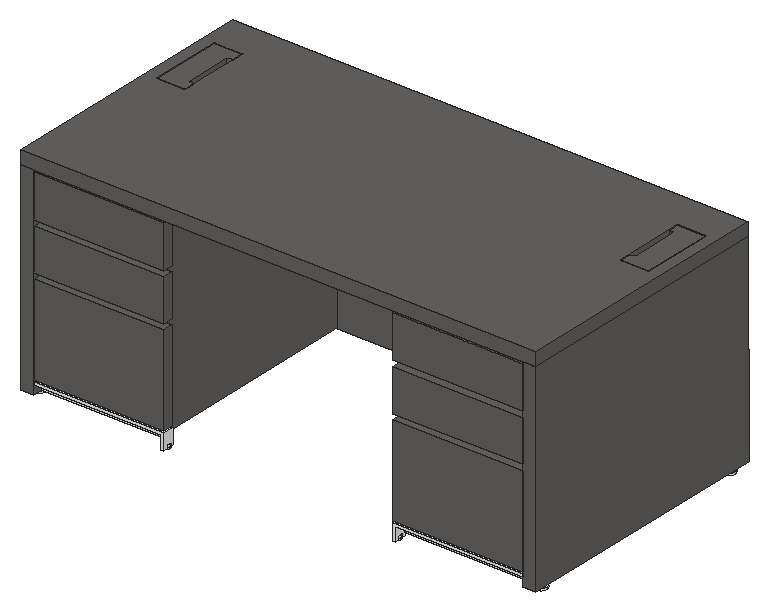
Revit family "Desk-Teknion-ZXWD-Single_And_Double_Pedestals-R2011", category Furniture, Revit 2013
Parameters (values of type "(See Type Catalog)")
  With Grommets = yes
  Width = 70"
  Warranty = "http://www.teknionstudio.com/pdfs/Teknion%20Studio%20Warranty.pdf"
  Unit Weight = 0.00 lbf
  Unit Finish [instance] = Veneer - Teknion - P7 - Grey Oak
  URL = "www.teknionstudio.com"
  Series = "B&B Italia"
  Right Pedestal = yes
  Product Page URL = "http://www.teknionstudio.com/acexecutive/"
  Product Line = "AC Executive"
  Product Documentation Link = "http://www.teknionstudio.com/pricing/ac_executive_ppg.pdf"
  Part Number = "ZXWD"
  Model = ""
  Manufacturer Phone = "919-464-2920"
  Manufacturer Fax = "919-464-2927"
  Manufacturer Email = "customersupport@teknionstudio.com"
  Manufacturer Address = "3940 US 70 Business HWY West, Clayton, NC 27520"
  Manufacturer = "Teknion Studio"  # constant formula
  Low Emitting Material = yes
  Low Emitting Finish = yes
  Left Pedestal = yes
  Height = 29 185/256"
  Grommet Void = if(With Grommets, 10 1/2", 2")  # 10 1/2"
  Description = ""
  Depth = 36"
  Assembly Code = "E2020200"
Reference planes (in)
  plane 1 "Center F/B": y = 0
  plane 2: z = 0
  plane 3 "Center L/R": x = 0
  plane 4 "Left": x = -35
  plane 5 "Right": x = 35
  plane 6 "Back": y = 18
  plane 7 "Front": y = -18
  plane 8 "Top": z = 29.72266
  plane 9: z = 27.95806
  plane 10: z = 19.72266
  plane 11: z = 30.22266
  plane 12: z = 0.6299
  plane 13 "Foot Centerline": y = -16
  plane 14 "Centerline": y = -16
  plane 15 "Back Foot Centerline": y = 16
  plane 16: y = 16
  plane 17: y = -16
  plane 18: y = 16
  plane 19 "Front Foot Centerline": y = -17.2303
Forms (in)
  Sweep 1, solid, material "Veneer - Teknion - P7 - Grey Oak" <- "Unit Finish"
    path origin (0, 0, 15.40683) x (-1, 0, 0) y (0, -1, 0)
      loop
        line (-35, 0) -> (35, 0)
    profile origin (0, 0, 15.40683) x (0, -1, 0) y (0, 0, 1)
      loop
        line (-18, 14.31582) -> (-18, 12.55122) -> (18, 12.55122) -> (18, 14.31582) -> (-18, 14.31582)
  Sweep 2, void
    path origin (0, 0, 0) x (1, 0, 0) y (0, 0, 1)
      loop
        line (0, 19.72266) -> (0, 30.22266)
    profile origin (0, 0, 24.97266) x (-1, 0, 0) y (0, -1, 0)
      loop
        line (29.61319, -11.34646) -> (29.61319, -12.67008)
        arc (29.61319, -12.67008) -> (29.65015, -12.7593) -> (29.73937, -12.79626) r 0.12618
        line (29.73937, -12.79626) -> (33.17402, -12.79626)
        arc (33.17402, -12.79626) -> (33.26324, -12.7593) -> (33.3002, -12.67008) r 0.12618
        line (33.3002, -12.67008) -> (33.3002, -3.32992)
        arc (33.3002, -3.32992) -> (33.26324, -3.2407) -> (33.17402, -3.20374) r 0.12618
        line (33.17402, -3.20374) -> (29.73937, -3.20374)
        arc (29.73937, -3.20374) -> (29.65015, -3.2407) -> (29.61319, -3.32992) r 0.12618
        line (29.61319, -3.32992) -> (29.61319, -4.65354) -> (29.88189, -4.65354)
        arc (29.88189, -4.65354) -> (30.16028, -4.76886) -> (30.27559, -5.04724) r 0.3937
        line (30.27559, -5.04724) -> (30.27559, -10.95276)
        arc (30.27559, -10.95276) -> (30.16028, -11.23114) -> (29.88189, -11.34646) r 0.3937
        line (29.88189, -11.34646) -> (29.61319, -11.34646)
      loop
        arc (29.48819, -12.76378) -> (29.53431, -12.87513) -> (29.64567, -12.92126) r 0.15748
        line (29.64567, -12.92126) -> (33.26772, -12.92126)
        arc (33.26772, -12.92126) -> (33.37907, -12.87513) -> (33.4252, -12.76378) r 0.15748
        line (33.4252, -12.76378) -> (33.4252, -3.23622)
        arc (33.4252, -3.23622) -> (33.37907, -3.12487) -> (33.26772, -3.07874) r 0.15748
        line (33.26772, -3.07874) -> (29.64567, -3.07874)
        arc (29.64567, -3.07874) -> (29.53431, -3.12487) -> (29.48819, -3.23622) r 0.15748
        line (29.48819, -3.23622) -> (29.48819, -12.76378)
      loop
        line (-29.61319, -11.34646) -> (-29.88189, -11.34646)
        arc (-29.88189, -11.34646) -> (-30.16028, -11.23114) -> (-30.27559, -10.95276) r 0.3937
        line (-30.27559, -10.95276) -> (-30.27559, -5.04724)
        arc (-30.27559, -5.04724) -> (-30.16028, -4.76886) -> (-29.88189, -4.65354) r 0.3937
        line (-29.88189, -4.65354) -> (-29.61319, -4.65354) -> (-29.61319, -3.32992)
        arc (-29.61319, -3.32992) -> (-29.65015, -3.2407) -> (-29.73937, -3.20374) r 0.12618
        line (-29.73937, -3.20374) -> (-33.17402, -3.20374)
        arc (-33.17402, -3.20374) -> (-33.26324, -3.2407) -> (-33.3002, -3.32992) r 0.12618
        line (-33.3002, -3.32992) -> (-33.3002, -12.67008)
        arc (-33.3002, -12.67008) -> (-33.26324, -12.7593) -> (-33.17402, -12.79626) r 0.12618
        line (-33.17402, -12.79626) -> (-29.73937, -12.79626)
        arc (-29.73937, -12.79626) -> (-29.65015, -12.7593) -> (-29.61319, -12.67008) r 0.12618
        line (-29.61319, -12.67008) -> (-29.61319, -11.34646)
      loop
        line (-29.48819, -12.76378) -> (-29.48819, -3.23622)
        arc (-29.48819, -3.23622) -> (-29.53431, -3.12487) -> (-29.64567, -3.07874) r 0.15748
        line (-29.64567, -3.07874) -> (-33.26772, -3.07874)
        arc (-33.26772, -3.07874) -> (-33.37907, -3.12487) -> (-33.4252, -3.23622) r 0.15748
        line (-33.4252, -3.23622) -> (-33.4252, -12.76378)
        arc (-33.4252, -12.76378) -> (-33.37907, -12.87513) -> (-33.26772, -12.92126) r 0.15748
        line (-33.26772, -12.92126) -> (-29.64567, -12.92126)
        arc (-29.64567, -12.92126) -> (-29.53431, -12.87513) -> (-29.48819, -12.76378) r 0.15748
  Sweep 3, solid, material "Veneer - Teknion - P7 - Grey Oak" <- "Unit Finish"
    path origin (0, 0, 0) x (1, 0, 0) y (0, 0, 1)
      loop
        line (0, 27.95806) -> (0, 0.6299)
    profile origin (0, 0, 14.29398) x (0, -1, 0) y (1, 0, 0)
      loop
        line (-18, -35) -> (18, -35) -> (18, -33.2354) -> (-13.2756, -33.2354) -> (-13.2756, 33.2354) -> (18, 33.2354) -> (18, 35) -> (-18, 35) -> (-18, 33.2354) -> (-14, 33.2354) -> (-14, -33.2354) -> (-18, -33.2354) -> (-18, -35)
  Sweep 4, solid, material "Veneer - Teknion - P7 - Grey Oak" <- "Unit Finish", visible <- "Left Pedestal"
    path origin (0, 0, 29.72266) x (-1, 0, 0) y (0, -1, 0)
      loop
        line (35, -13.2756) -> (35, 16.4606)
    profile origin (-35, -1.5925, 29.72266) x (1, 0, 0) y (0, 0, 1)
      loop
        line (1.7646, -1.7646) -> (1.7646, -29.09276) -> (17.9063, -29.09276) -> (17.9063, -1.7646) -> (1.7646, -1.7646)
  Sweep 5, solid, material "Veneer - Teknion - P7 - Grey Oak" <- "Unit Finish", visible <- "Left Pedestal"
    path origin (0, -18, 0) x (1, 0, 0) y (0, 0, 1)
      loop
        line (-33.1567, 0) -> (-15.5189, 0)
    profile origin (-24.3378, -18, 0) x (0, 0, 1) y (0, -1, 0)
      loop
        line (27.70806, 0) -> (21.90416, 0) -> (21.90416, -1.4213) -> (27.70806, -1.4213) -> (27.70806, 0)
      loop
        line (21.11676, 0) -> (15.45656, 0) -> (15.45656, -1.4213) -> (21.11676, -1.4213) -> (21.11676, 0)
      loop
        line (14.66916, 0) -> (2.41756, 0) -> (2.41756, -1.4213) -> (14.66916, -1.4213) -> (14.66916, 0)
  Sweep 6, solid, material "Veneer - Teknion - P7 - Grey Oak" <- "Unit Finish", visible <- "Right Pedestal"
    path origin (48.6756, -18, 0) x (1, 0, 0) y (0, 0, 1)
      loop
        line (-33.1567, 0) -> (-15.5189, 0)
    profile origin (24.3378, -18, 0) x (0, 0, 1) y (0, -1, 0)
      loop
        line (27.70806, 0) -> (21.90416, 0) -> (21.90416, -1.4213) -> (27.70806, -1.4213) -> (27.70806, 0)
      loop
        line (21.11676, 0) -> (15.45656, 0) -> (15.45656, -1.4213) -> (21.11676, -1.4213) -> (21.11676, 0)
      loop
        line (14.66916, 0) -> (2.41756, 0) -> (2.41756, -1.4213) -> (14.66916, -1.4213) -> (14.66916, 0)
  Sweep 7, solid, material "Veneer - Teknion - P7 - Grey Oak" <- "Unit Finish", visible <- "Right Pedestal"
    path origin (50.3291, 0, 29.72266) x (-1, 0, 0) y (0, -1, 0)
      loop
        line (15.3291, -13.2756) -> (15.3291, 16.4606)
    profile origin (35, -1.5925, 29.72266) x (1, 0, 0) y (0, 0, 1)
      loop
        line (-1.7646, -1.7646) -> (-17.9063, -1.7646) -> (-17.9063, -29.09276) -> (-1.7646, -29.09276) -> (-1.7646, -1.7646)
  Sweep 8, solid, material "Metal - Teknion - C6 - Chrome", visible <- "Left Pedestal"
    path origin (0, -18, 0) x (1, 0, 0) y (0, 0, 1)
      loop
        line (-15.5189, 0) -> (-15.5189, 2.16756) -> (-33.2354, 2.16756)
    profile origin (-24.37715, -18, 2.16756) x (0, 0, -1) y (0, -1, 0)
      loop
        line (0, 0) -> (0, -1.5394) -> (0.394, -1.5394) -> (0.394, 0) -> (0, 0)
  Sweep 9, solid, material "Metal - Teknion - C6 - Chrome", visible <- "Right Pedestal"
    path origin (48.7543, -18, 0) x (1, 0, 0) y (0, 0, 1)
      loop
        line (-15.5189, 2.16756) -> (-33.2354, 2.16756) -> (-33.2354, 0)
    profile origin (24.37715, -18, 2.16756) x (0, 0, -1) y (0, -1, 0)
      loop
        line (0, 0) -> (0, -1.5394) -> (0.394, -1.5394) -> (0.394, 0) -> (0, 0)
  Revolve 10, solid, material "Metal - Teknion - C6 - Chrome", visible <- "Left Pedestal"
    sketch origin (0, -17.2303, 0) x (-1, 0, 0) y (0, 0, 1)
      loop
        line (16.05055, 0) -> (16.08992, 0.03937) -> (16.08992, 0.20618) -> (16.05055, 0.24555) -> (16.08992, 0.28492) -> (16.08992, 0.45173) -> (16.05055, 0.4911) -> (15.7159, 0.4911) -> (15.7159, 0) -> (16.05055, 0)
      axis (15.7159, 0) -> (15.7159, 0.4911)
    angle from 0 to 360
  Sweep 11, solid, material "Metal - Teknion - C6 - Chrome", visible <- "Left Pedestal"
    path origin (0, -18, 0) x (1, 0, 0) y (0, 0, 1)
      loop
        line (-33.2354, 0.6299) -> (-15.5189, 0.6299)
    profile origin (-24.37715, -18, 0.6299) x (0, 0, 1) y (0, -1, 0)
      loop
        line (1.14366, -1.5394) -> (1.14366, -1.3424) -> (-0.03734, -1.3424) -> (-0.03734, -1.5394) -> (1.14366, -1.5394)
  Sweep 12, solid, material "Metal - Teknion - C6 - Chrome", visible <- "Right Pedestal"
    path origin (0, -18, 0) x (-1, 0, 0) y (0, 0, 1)
      loop
        line (-33.2354, 0.6299) -> (-15.5189, 0.6299)
    profile origin (24.37715, -18, 0.6299) x (0, 0, -1) y (0, -1, 0)
      loop
        line (0.03734, -1.5394) -> (0.03734, -1.3424) -> (-1.14366, -1.3424) -> (-1.14366, -1.5394) -> (0.03734, -1.5394)
  Revolve 13, solid, material "Metal - Teknion - C6 - Chrome"
    sketch origin (0, -16, 0) x (-1, 0, 0) y (0, 0, 1)
      loop
        line (34.1177, 0) -> (34.85569, 0) -> (34.85569, 0.16) -> (34.40004, 0.16) -> (34.40004, 0.6299) -> (34.1177, 0.6299) -> (34.1177, 0)
      axis (34.1177, 0.6299) -> (34.1177, 0)
    angle from 0 to 360
  Revolve 14, solid, material "Metal - Teknion - C6 - Chrome"
    sketch origin (4.5366, 16, 0) x (-1, 0, 0) y (0, 0, 1)
      loop
        line (38.6543, 0) -> (39.39229, 0) -> (39.39229, 0.16) -> (38.93664, 0.16) -> (38.93664, 0.6299) -> (38.6543, 0.6299) -> (38.6543, 0)
      axis (38.6543, 0.6299) -> (38.6543, 0)
    angle from 0 to 360
  Revolve 15, solid, material "Metal - Teknion - C6 - Chrome"
    sketch origin (0, -16, 0) x (-1, 0, 0) y (0, 0, 1)
      loop
        line (-34.1177, 0) -> (-34.1177, 0.6299) -> (-34.40004, 0.6299) -> (-34.40004, 0.16) -> (-34.85569, 0.16) -> (-34.85569, 0) -> (-34.1177, 0)
      axis (-34.1177, 0.6299) -> (-34.1177, 0)
    angle from 0 to 360
  Revolve 16, solid, material "Metal - Teknion - C6 - Chrome"
    sketch origin (-4.5366, 16, 0) x (1, 0, 0) y (0, 0, 1)
      loop
        line (38.6543, 0) -> (39.39229, 0) -> (39.39229, 0.16) -> (38.93664, 0.16) -> (38.93664, 0.6299) -> (38.6543, 0.6299) -> (38.6543, 0)
      axis (38.6543, 0.6299) -> (38.6543, 0)
    angle from 0 to 360
  Revolve 17, solid, material "Metal - Teknion - C6 - Chrome", visible <- "Right Pedestal"
    sketch origin (0, -17.2303, 0) x (-1, 0, 0) y (0, 0, 1)
      loop
        line (-16.05055, 0) -> (-15.7159, 0) -> (-15.7159, 0.4911) -> (-16.05055, 0.4911) -> (-16.08992, 0.45173) -> (-16.08992, 0.28492) -> (-16.05055, 0.24555) -> (-16.08992, 0.20618) -> (-16.08992, 0.03937) -> (-16.05055, 0)
      axis (-15.7159, 0) -> (-15.7159, 0.4911)
    angle from 0 to 360
Cuts and joins
  Sweep 2 cuts Sweep 1
  joined: Sweep 8, Sweep 11
  joined: Sweep 9, Sweep 12
Lines and regions (in)
  Masking region 1
    outline origin (0, 0, 29.72266) x (-1, 0, 0) y (0, -1, 0)
      loop
        line (35, -18) -> (35, 18) -> (-35, 18) -> (-35, -18) -> (35, -18)
  symbolic lines, visible <- "With Grommets", detail levels fine
    curve 1: arc (-30.27559, 10.95276, 29.72266) -> (-30.16028, 11.23114, 29.72266) -> (-29.88189, 11.34646, 29.72266) r 0.3937
    curve 2: line (-29.88189, 11.34646, 29.72266) -> (-29.48819, 11.34646, 29.72266)
    curve 4: line (-29.48819, 4.65354, 29.72266) -> (-29.88189, 4.65354, 29.72266)
    curve 5: arc (-29.88189, 4.65354, 29.72266) -> (-30.16028, 4.76886, 29.72266) -> (-30.27559, 5.04724, 29.72266) r 0.3937
    curve 6: line (-30.27559, 5.04724, 29.72266) -> (-30.27559, 10.95276, 29.72266)
    curve 12: arc (30.27559, 10.95276, 29.72266) -> (30.16028, 11.23114, 29.72266) -> (29.88189, 11.34646, 29.72266) r 0.3937
    curve 13: line (29.88189, 11.34646, 29.72266) -> (29.48819, 11.34646, 29.72266)
    curve 15: line (29.48819, 4.65354, 29.72266) -> (29.88189, 4.65354, 29.72266)
    curve 16: arc (29.88189, 4.65354, 29.72266) -> (30.16028, 4.76886, 29.72266) -> (30.27559, 5.04724, 29.72266) r 0.3937
    curve 17: line (30.27559, 5.04724, 29.72266) -> (30.27559, 10.95276, 29.72266)
  symbolic lines, visible <- "With Grommets"
    curve 3: line (-29.48819, 12.76378, 29.72266) -> (-29.48819, 3.23622, 29.72266)
    curve 7: line (-29.64567, 3.07874, 29.72266) -> (-33.26772, 3.07874, 29.72266)
    curve 8: arc (-29.64567, 3.07874, 29.72266) -> (-29.53431, 3.12487, 29.72266) -> (-29.48819, 3.23622, 29.72266) r 0.15748
    curve 9: arc (-33.4252, 3.23622, 29.72266) -> (-33.37907, 3.12487, 29.72266) -> (-33.26772, 3.07874, 29.72266) r 0.15748
    curve 10: line (-33.4252, 3.23622, 29.72266) -> (-33.4252, 12.76378, 29.72266)
    curve 11: arc (-29.48819, 12.76378, 29.72266) -> (-29.53431, 12.87513, 29.72266) -> (-29.64567, 12.92126, 29.72266) r 0.15748
    curve 14: line (29.48819, 12.76378, 29.72266) -> (29.48819, 3.23622, 29.72266)
    curve 18: line (29.64567, 3.07874, 29.72266) -> (33.26772, 3.07874, 29.72266)
    curve 19: line (33.4252, 3.23622, 29.72266) -> (33.4252, 12.76378, 29.72266)
    curve 20: line (33.26772, 12.92126, 29.72266) -> (29.64567, 12.92126, 29.72266)
    curve 21: line (-33.26772, 12.92126, 29.72266) -> (-29.64567, 12.92126, 29.72266)
    curve 22: arc (-29.64567, 12.92126, 29.72266) -> (-29.53431, 12.87513, 29.72266) -> (-29.48819, 12.76378, 29.72266) r 0.15748
    curve 23: arc (29.64567, 3.07874, 29.72266) -> (29.53431, 3.12487, 29.72266) -> (29.48819, 3.23622, 29.72266) r 0.15748
    curve 24: arc (33.4252, 3.23622, 29.72266) -> (33.37907, 3.12487, 29.72266) -> (33.26772, 3.07874, 29.72266) r 0.15748
    curve 25: arc (29.48819, 12.76378, 29.72266) -> (29.53431, 12.87513, 29.72266) -> (29.64567, 12.92126, 29.72266) r 0.15748
    curve 26: arc (33.26772, 12.92126, 29.72266) -> (33.37907, 12.87513, 29.72266) -> (33.4252, 12.76378, 29.72266) r 0.15748
    curve 27: arc (-33.4252, 12.76378, 29.72266) -> (-33.37907, 12.87513, 29.72266) -> (-33.26772, 12.92126, 29.72266) r 0.15748
  symbolic lines, style "FurnitureHiddenLines", detail levels medium+fine
    curve 28: line (-33.2354, 18, 29.72266) -> (-33.2354, -18, 29.72266)
    curve 33: line (33.2354, -18, 29.72266) -> (33.2354, 18, 29.72266)
    curve 36: line (-33.2354, 13.2756, 29.72266) -> (33.2354, 13.2756, 29.72266)
  symbolic lines, style "FurnitureHiddenLines", visible <- "Left Pedestal", detail levels medium+fine
    curve 29: line (-33.2354, -16.4606, 29.72266) -> (-17.0937, -16.4606, 29.72266)
    curve 30: line (-17.0937, -16.4606, 29.72266) -> (-17.0937, 13.2756, 29.72266)
  symbolic lines, style "FurnitureHiddenLines", visible <- "Right Pedestal", detail levels medium+fine
    curve 31: line (17.0937, 13.2756, 29.72266) -> (17.0937, -16.4606, 29.72266)
    curve 32: line (17.0937, -16.4606, 29.72266) -> (33.2354, -16.4606, 29.72266)
  symbolic lines, style "FurnitureHiddenLines", visible <- "Left Pedestal", detail levels fine
    curve 34: line (-15.5189, -18, 29.72266) -> (-15.5189, -16.4606, 29.72266)
    curve 38: line (-17.0937, -16.4606, 29.72266) -> (-15.5189, -16.4606, 29.72266)
  symbolic lines, style "FurnitureHiddenLines", visible <- "Right Pedestal", detail levels fine
    curve 35: line (15.5189, -16.4606, 29.72266) -> (15.5189, -18, 29.72266)
    curve 39: line (17.0937, -16.4606, 29.72266) -> (15.5189, -16.4606, 29.72266)
  symbolic lines, style "FurnitureHiddenLines", detail levels fine
    curve 37: line (-33.2354, 14, 29.72266) -> (33.2354, 14, 29.72266)
Dimensions and locks (in)
  "Height": plane 8 "Top" to plane 2
  equal spacing: plane 4 "Left", plane 3 "Center L/R", plane 5 "Right"
  "Width": plane 4 "Left" to plane 5 "Right"
  equal spacing: plane 6 "Back", plane 1 "Center F/B", plane 7 "Front"
  "Depth": plane 6 "Back" to plane 7 "Front"
  locked: plane 8 "Top" to plane 9 at 1.7646
  locked: plane 8 "Top" to plane 10 at 10
  "Grommet Void": plane 11 to plane 10
  locked: plane 4 "Left" to Sweep 2 sketch curve at 5.51181
  locked: Sweep 2 sketch curve to Sweep 2 sketch curve at 0.7874  (x2)
  locked: Sweep 2 sketch curve to plane 5 "Right" at 5.51181
  locked: plane 12 to plane 2 at 0.6299
  locked: plane 4 "Left" to Sweep 3 sketch curve at 1.7646  (x2)
  locked: Sweep 3 sketch curve to plane 5 "Right" at 1.7646  (x2)
  locked: Sweep 3 sketch curve to Sweep 3 sketch curve at 0.7244
  Sweep 3 sketch curve to plane 6 "Back" = 4"
  locked: plane 6 "Back" to Sweep 4 sketch curve at 4.7244
  locked: plane 7 "Front" to Sweep 4 sketch curve at 1.5394
  plane 4 "Left" to Sweep 4 sketch curve to Sweep 4 sketch curve = 1.7646" locked, 16.1417" locked
  Sweep 5 sketch curve to Sweep 5 sketch curve to plane 4 "Left" = 17.6378" locked, 1.8433" locked
  locked: Sweep 5 sketch curve to Sweep 5 sketch curve at 5.8039
  locked: Sweep 5 sketch curve to Sweep 5 sketch curve at 5.6602
  locked: Sweep 5 sketch curve to Sweep 5 sketch curve at 12.2516
  Sweep 5 sketch curve to Sweep 5 sketch curve = 0.7874"  (x2)
  locked: Sweep 5 sketch curve to plane 7 "Front" at 1.4213  (x3)
  locked: Sweep 6 sketch curve to Sweep 6 sketch curve at 17.6378
  locked: plane 6 "Back" to Sweep 7 sketch curve at 4.7244
  locked: plane 7 "Front" to Sweep 7 sketch curve at 1.5394
  Sweep 7 sketch curve to Sweep 7 sketch curve to plane 5 "Right" = 16.1417" locked, 1.7646" locked
  locked: plane 5 "Right" to Sweep 6 sketch curve at 1.8433
  locked: plane 9 to Sweep 6 sketch curve at 0.25
  locked: Sweep 6 sketch curve to Sweep 6 sketch curve at 5.8039
  locked: Sweep 6 sketch curve to Sweep 6 sketch curve at 5.6602
  locked: Sweep 6 sketch curve to Sweep 6 sketch curve at 12.2516
  locked: Sweep 6 sketch curve to Sweep 6 sketch curve at 0.7874  (x2)
  locked: plane 7 "Front" to Sweep 6 sketch curve at 1.4213  (x3)
  Sweep 8 sketch curve to Sweep 8 sketch curve to plane 4 "Left" = 17.7165" locked, 1.7646" locked
  Sweep 8 sketch curve to Sweep 8 sketch curve to plane 12 = 0.394" locked, 1.14366" locked
  locked: Sweep 8 sketch curve to plane 7 "Front" at 1.5394
  locked: Sweep 8 sketch curve to plane 12 at 1.53766
  locked: Sweep 9 sketch curve to Sweep 9 sketch curve at 0.394
  Sweep 9 sketch curve to Sweep 9 sketch curve to plane 5 "Right" = 17.7165" locked, 1.7646" locked
  locked: Sweep 9 sketch curve to plane 12 at 1.53766
  locked: Sweep 9 sketch curve to plane 7 "Front" at 1.5394
  locked: Revolve 10 sketch curve to Revolve 10 sketch curve at 0.37402
  Revolve 10 sketch curve to Revolve 10 sketch curve to Revolve 10 sketch curve to Revolve 10 sketch curve to plane 2 = 0.03937" locked, 0.16681" locked, 0.07874" locked, 0.20618" locked
  locked: Revolve 10 sketch curve to plane 4 "Left" at 19.2841
  locked: plane 13 "Foot Centerline" to plane 7 "Front" at 2
  Sweep 11 sketch curve to Sweep 11 sketch curve to plane 4 "Left" = 17.7165" locked, 1.7646" locked
  locked: Sweep 11 sketch curve to Sweep 11 sketch curve at 0.197
  locked: Sweep 11 sketch curve to plane 7 "Front" at 1.5394
  Sweep 11 sketch curve to plane 12 to Sweep 11 sketch curve = 1.14366" locked, 0.03734" locked
  locked: Sweep 12 sketch curve to Sweep 12 sketch curve at 17.7165
  locked: plane 5 "Right" to Sweep 12 sketch curve at 1.7646
  Sweep 12 sketch curve to plane 12 to Sweep 12 sketch curve = 0.03734" locked, 1.14366" locked
  locked: Sweep 12 sketch curve to Sweep 12 sketch curve at 0.197
  locked: Sweep 12 sketch curve to plane 7 "Front" at 1.5394
  plane 14 "Centerline" to plane 13 "Foot Centerline" = 0"
  locked: Revolve 13 sketch curve to Revolve 13 sketch curve at 0.16
  locked: plane 4 "Left" to Revolve 13 sketch curve at 0.8823
  Revolve 13 sketch curve to Revolve 13 sketch curve to Revolve 13 sketch curve = 0.28234" locked, 0.45565" locked
  locked: plane 6 "Back" to plane 15 "Back Foot Centerline" at 2
  locked: Revolve 14 sketch curve to Revolve 14 sketch curve at 0.16
  Revolve 14 sketch curve to Revolve 14 sketch curve to Revolve 14 sketch curve = 0.28234" locked, 0.45565" locked
  locked: Revolve 14 sketch curve to plane 4 "Left" at 0.8823
  locked: Revolve 15 sketch curve to Revolve 15 sketch curve at 0.16
  Revolve 15 sketch curve to Revolve 15 sketch curve to Revolve 15 sketch curve = 0.28234" locked, 0.45565" locked
  locked: Revolve 16 sketch curve to Revolve 16 sketch curve at 0.16
  Revolve 16 sketch curve to Revolve 16 sketch curve to Revolve 16 sketch curve = 0.28234" locked, 0.45565" locked
  locked: Revolve 17 sketch curve to Revolve 17 sketch curve at 0.37402
  Revolve 17 sketch curve to Revolve 17 sketch curve to Revolve 17 sketch curve to Revolve 17 sketch curve to Revolve 17 sketch curve to plane 2 = 0.03937" locked, 0.16681" locked, 0.07874" locked, 0.16681" locked, 0.03937" locked
  locked: plane 5 "Right" to Revolve 16 sketch curve at 0.8823
  locked: plane 5 "Right" to Revolve 15 sketch curve at 0.8823
  locked: plane 5 "Right" to Revolve 17 sketch curve at 19.2841
  locked: Sweep 2 sketch curve to Sweep 2 sketch curve at 9.84252  (x2)
  locked: plane 6 "Back" to Sweep 2 sketch curve at 5.07874  (x2)
  locked: plane 7 "Front" to plane 19 "Front Foot Centerline" at 0.7697
  aligned and locked: level to plane 2
  aligned and locked: Sweep 1 sketch curve to plane 1 "Center F/B"
  aligned and locked: plane 4 "Left" to Sweep 1 sketch curve
  aligned and locked: plane 5 "Right" to Sweep 1 sketch curve
  aligned and locked: plane 9 to Sweep 1 sketch curve
  aligned and locked: Sweep 1 sketch curve to plane 8 "Top"
  aligned and locked: Sweep 1 sketch curve to plane 7 "Front"
  aligned and locked: Sweep 1 sketch curve to plane 6 "Back"
  aligned and locked: plane 3 "Center L/R" to Sweep 2 sketch curve
  aligned and locked: plane 11 to Sweep 2 sketch curve
  aligned and locked: plane 10 to Sweep 2 sketch curve
  aligned and locked: Masking region 1 sketch curve to plane 6 "Back"
  aligned and locked: Masking region 1 sketch curve to plane 7 "Front"
  aligned and locked: Masking region 1 sketch curve to plane 5 "Right"
  aligned and locked: Masking region 1 sketch curve to plane 4 "Left"
  aligned and locked: curve 1 to cut or joined group of Sweep 1, Sweep 2
  aligned and locked: curve 4 to cut or joined group of Sweep 1, Sweep 2
  aligned and locked: curve 5 to cut or joined group of Sweep 1, Sweep 2
  aligned and locked: curve 22 to curve 11
  aligned and locked: curve 21 to curve 11
  aligned and locked: curve 23 to cut or joined group of Sweep 1, Sweep 2
  aligned and locked: curve 24 to cut or joined group of Sweep 1, Sweep 2
  aligned and locked: curve 25 to cut or joined group of Sweep 1, Sweep 2
  aligned and locked: curve 26 to cut or joined group of Sweep 1, Sweep 2
  aligned and locked: curve 27 to cut or joined group of Sweep 1, Sweep 2
  aligned and locked: plane 12 to Sweep 3 sketch curve
  aligned and locked: plane 9 to Sweep 3 sketch curve
  aligned and locked: Sweep 3 sketch curve to plane 3 "Center L/R"
  aligned and locked: Sweep 3 sketch curve to plane 6 "Back"
  aligned and locked: Sweep 3 sketch curve to plane 7 "Front"
  aligned and locked: plane 4 "Left" to Sweep 3 sketch curve
  aligned and locked: plane 5 "Right" to Sweep 3 sketch curve
  aligned and locked: plane 6 "Back" to Sweep 3 sketch curve
  aligned and locked: plane 7 "Front" to Sweep 3 sketch curve
  aligned and locked: Sweep 4 sketch curve to plane 4 "Left"
  aligned and locked: plane 12 to Sweep 4 sketch curve
  aligned and locked: Sweep 4 sketch curve to plane 9
  aligned and locked: Sweep 5 sketch curve to plane 2
  aligned and locked: plane 7 "Front" to Sweep 5 sketch curve  (x3)
  aligned and locked: Sweep 7 sketch curve to plane 5 "Right"
  aligned and locked: plane 9 to Sweep 7 sketch curve
  aligned and locked: Sweep 7 sketch curve to plane 12
  aligned and locked: plane 7 "Front" to Sweep 8 sketch curve
  aligned and locked: plane 2 to Sweep 8 sketch curve
  aligned and locked: plane 2 to Sweep 9 sketch curve
  aligned and locked: profile plane to Sweep 9 sketch curve
  aligned and locked: Revolve 10 sketch curve to plane 2
  aligned and locked: Revolve 10 sketch curve to Revolve 10 sketch curve
  aligned and locked: Sweep 11 sketch curve to plane 12
  aligned and locked: plane 12 to Sweep 12 sketch curve
  aligned and locked: plane 2 to Revolve 13 sketch curve
  aligned and locked: Revolve 13 sketch curve to plane 12
  aligned and locked: Revolve 13 sketch curve to Revolve 13 sketch curve
  aligned and locked: Revolve 14 sketch curve to Revolve 14 sketch curve
  aligned and locked: Revolve 14 sketch curve to plane 2
  aligned and locked: plane 12 to Revolve 14 sketch curve
  aligned and locked: Revolve 15 sketch curve to Revolve 15 sketch curve
  aligned and locked: Revolve 16 sketch curve to Revolve 16 sketch curve
  aligned and locked: Revolve 17 sketch curve to Revolve 17 sketch curve
  aligned and locked: plane 2 to Revolve 16 sketch curve
  aligned and locked: Revolve 16 sketch curve to plane 12
  aligned and locked: plane 12 to Revolve 15 sketch curve
  aligned and locked: Revolve 15 sketch curve to plane 2
  aligned and locked: curve 28 to Sweep 4
  aligned and locked: curve 29 to Sweep 4
  aligned and locked: curve 30 to Sweep 4
  aligned and locked: curve 31 to Sweep 7
  aligned and locked: curve 32 to Sweep 7
  aligned and locked: curve 33 to Sweep 7
  aligned and locked: curve 34 to cut or joined group of Sweep 8, Sweep 11
  aligned and locked: curve 35 to cut or joined group of Sweep 9, Sweep 12
  aligned and locked: plane 7 "Front" to curve 35
  aligned and locked: plane 7 "Front" to curve 34
  aligned and locked: plane 7 "Front" to curve 28
  aligned and locked: plane 7 "Front" to curve 33
  aligned and locked: curve 33 to curve 32
  aligned and locked: plane 6 "Back" to curve 28
  aligned and locked: plane 6 "Back" to curve 33
  aligned and locked: curve 28 to curve 36
  aligned and locked: curve 36 to Sweep 3
  aligned and locked: curve 37 to Sweep 3
  aligned and locked: plane 2 to Revolve 17 sketch curve
Automatic sketch dimensions
  Revolve 13 sketch curve to Revolve 13 sketch curve = 0"
  Revolve 13 sketch curve to Revolve 13 sketch curve = 0.28234"
  plane 4 "Left" to Revolve 13 sketch curve = 0.14431"
  Revolve 13 sketch curve to level = 0.70358"
  plane 12 to Revolve 13 sketch curve = 0.56789"
  Revolve 13 sketch curve to Revolve 13 sketch curve = 0.45565"
  level to Revolve 13 sketch curve = 0.16"
  Sweep 6 sketch curve to level = 0"
  Sweep 6 sketch curve to plane 7 "Front" = 0"  (x3)
  Sweep 9 sketch curve to plane 7 "Front" = 0"
  level to Revolve 14 sketch curve = 0.70358"
  Revolve 14 sketch curve to Revolve 14 sketch curve = 0.56789"
  Revolve 16 sketch curve to level = 0.70358"
  Revolve 16 sketch curve to Revolve 16 sketch curve = 0.56789"
  Sweep 5 sketch curve to profile plane = 2.41756"
  curve 17 to curve 15 = 0.7874"
  curve 16 to curve 15 = 0.3937"
  curve 17 to curve 12 = 0.3937"
  curve 22 to curve 1 = 0.3937"
  curve 3 to curve 8 = 0.15748"
  curve 3 to curve 11 = 0.15748"
  curve 7 to curve 9 = 0.15748"
  curve 14 to curve 25 = 0"
  curve 19 to curve 26 = 0"
  curve 25 to curve 13 = 1.41732"
  curve 17 to curve 23 = 1.81102"
  curve 5 to curve 10 = 1.81102"
  Sweep 2 sketch curve to Sweep 2 sketch curve = 2 115/128"  (x2)
  Sweep 2 sketch curve to Sweep 2 sketch curve = 0.0937"  (x8)
  Sweep 2 sketch curve to Sweep 2 sketch curve = 0.03248"  (x6)
  Sweep 2 sketch curve to Sweep 2 sketch curve = 1/8"  (x4)
  Sweep 2 sketch curve to Sweep 2 sketch curve = 0.3937"  (x2)
  Sweep 2 sketch curve to Sweep 2 sketch curve = 0.25118"  (x2)
  Sweep 2 sketch curve to Sweep 2 sketch curve = 0.2687"  (x3)
  Sweep 2 sketch curve to Sweep 2 sketch curve = 0.15748"
  Sweep 2 sketch curve to Sweep 2 sketch curve = 0.12618"  (x2)
  Sweep 2 sketch curve to Sweep 2 sketch curve = 3.43465"  (x2)
  Sweep 2 sketch curve to Sweep 2 sketch curve = 1.32362"  (x2)
  Sweep 2 sketch curve to Sweep 2 sketch curve = 1.81102"
  Sweep 2 sketch curve to Sweep 2 sketch curve = 1.71732"
  Revolve 15 sketch curve to level = 0.70358"
  plane 12 to Revolve 15 sketch curve = 0.56789"
  level to Revolve 10 sketch curve = 0.24555"
  Revolve 10 sketch curve to Revolve 10 sketch curve = 0.03937"  (x3)
  Revolve 10 sketch curve to level = 0.77256"
  level to Revolve 10 sketch curve = 0.03937"
  plane 12 to Revolve 10 sketch curve = 0.47492"
  Revolve 17 sketch curve to Revolve 17 sketch curve = 0"
  Revolve 17 sketch curve to Revolve 17 sketch curve = 0.03937"  (x3)
  Revolve 17 sketch curve to level = 0.77256"
  plane 12 to Revolve 17 sketch curve = 0.47492"
